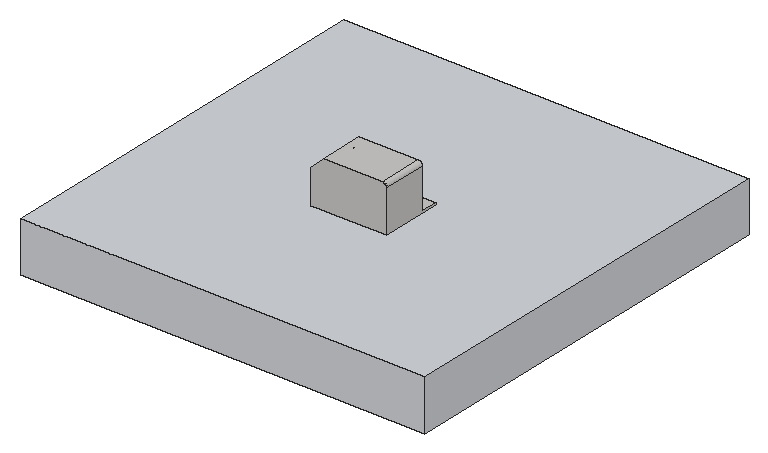
Revit family
Parameters (values of type "1656")
  Waste Connection = yes
  Voltage = 0
  Vent Connection = no
  VG2 - Ventilation Grille 8-3/4" x 13" (Bottom Only) = no
  VG1 - Ventilation Grille 5-3/4" x 8-3/4" (Left, Right) = no
  VAC - AcornVac System = no
  URL = "http://www.acorneng.com"
  Type Comments = ""
  Tempered Water Connection = no
  TH - Single Towel Hook on Left or Right = no
  TH - Double Towel Hook on Left or Right = no
  TG - 12 Gage Cabinet = no
  TF - Transformer = no
  TB - Toothbrush Holder (Left or Right) = no
  SW - Wall Sleeve = no
  Revised Date = "08/08/12"
  Phone # = "626-336-4561"
  PT - P-Trap Waste = no
  PH - Integral Paper Holder = no
  PBP - Pushrod Activated Pushbutton = no
  PBH - Hemispherical Pushbutton = no
  OF - Lavatory Overflow = no
  Model = "1656"
  Material = Type 304 Stainless Steel
  Manufacturer = "Acorn Engineering"
  MVC2-BAT - Time-Trol - Hot & Cold - Battery Operation = no
  MVC2 - Time-Trol - Hot & Cold = no
  MVC1-BAT - Time-Trol - Single Temp - Battery Operation = no
  MVC1 - Time-Trol - Single Temp = no
  MT - Metal Template (Only One Req'd per Project) = no
  MH - Metering, Hot Side only = no
  MA - Manifolded Valve (2,3,4) = no
  M - Metering = no
  LWE - Lavy Waste Extension (3" Standard) Specify Length Beyond Fixture = no
  LW1 - Lavy Through-Wall Extension With P-Trap = no
  LF - Lav-Filler = no
  IS - Integral Shelf = no
  HW Connection = yes
  FMT - Fixture Mounted Trim = no
  EVSP2 - Electronic Valve System w/ Piezo Pushbuttons = no
  EVSP1 - Electronic Valve System w/ Piezo Pushbutton = no
  EVS2 - Electronic Valve System - Hot & Cold = no
  EVS1 - Electronic Valve System - Single Temp = no
  EG - Enviro-Glaze, Specify Color = no
  Designed By = "ATS BIM Team"
  Description = "18\" Multi-Sided Lavatory"
  Default Elevation = 32.50"
  CW Connection = yes
  CI - Cycle Interrupt for Time-Trol Valves = no
  BPH - Hemispherical Penal Bubbler = no
  BP - Bubbler, Penal = no
  BC - Bubbler, Code = no
  Assembly Code = ""
  Amperage = 0
  9 - Punched for Valve by Others (Specify Punching) = no
  4 - Air-Control, H&C, Non-Metering = no
  3 - Air-Control, Single Temp, Non-Metering = no
Reference planes (in)
  plane 1 "Center (Front/Back)": y = 0
  plane 2: z = 0
  plane 3 "Center (Left/Right)": x = 0
  plane 4: z = 11
  plane 5: x = 9
  plane 6: x = -9
  plane 7: y = -10.5
  plane 8: y = -8.25
  plane 9: y = 2
  plane 10: x = -1.5
Forms (in)
  Extrusion 1, solid
    sketch origin (0, 0, 0) x (1, 0, 0) y (0, 1, 0)
      loop
        line (-48, 48) -> (-48, -48) -> (48, -48) -> (48, 48) -> (-48, 48)
    from 0 to -12
  Extrusion 2, solid, material "Type 304 Stainless Steel" <- "Material"
    sketch origin (0, 0, 0) x (1, 0, 0) y (0, 0, 1)
      loop
        line (8, 11) -> (-6, 11) -> (-9, 8) -> (-9, 0) -> (9, 0) -> (9, 10)
        arc (9, 10) -> (8.70711, 10.70711) -> (8, 11) r 1
    from 0 to 10.5
  Extrusion 3, solid, material "Type 304 Stainless Steel" <- "Material"
    sketch origin (0, 0, 0) x (1, 0, 0) y (0, 0, 1)
      loop
        line (9, 0) -> (9, 0.5) -> (-9, 0.5) -> (-9, 0) -> (9, 0)
    from 0 to -4
  Extrusion 4, solid, material "Type 304 Stainless Steel" <- "Material"
    sketch origin (-1.5, 0, 0) x (1, 0, 0) y (0, 1, 0)
      loop
        circle (0, -8.25) r 0.75
    from 0 to 0.01563
  Extrusion 5, void
    sketch origin (0, 0, 0) x (1, 0, 0) y (0, 0, 1)
      loop
        line (4.61421, 7.75369) -> (2.60724, 9.76066)
        arc (2.60724, 9.76066) -> (2.1206, 10.08582) -> (1.54658, 10.2) r 1.5
        line (1.54658, 10.2) -> (-4.54658, 10.2)
        arc (-4.54658, 10.2) -> (-5.1206, 10.08582) -> (-5.60724, 9.76066) r 1.5
        line (-5.60724, 9.76066) -> (-7.61421, 7.75369)
        arc (-7.61421, 7.75369) -> (-8.2, 6.33947) -> (-7.61421, 4.92526) r 2
        line (-7.61421, 4.92526) -> (-4.28185, 1.59289)
        arc (-4.28185, 1.59289) -> (-3.95742, 1.37612) -> (-3.57474, 1.3) r 1
        line (-3.57474, 1.3) -> (0.57474, 1.3)
        arc (0.57474, 1.3) -> (0.95742, 1.37612) -> (1.28185, 1.59289) r 1
        line (1.28185, 1.59289) -> (4.61421, 4.92526)
        arc (4.61421, 4.92526) -> (5.2, 6.33947) -> (4.61421, 7.75369) r 2
    from 0 to 6
Cuts and joins
  Extrusion 5 cuts Extrusion 2
  joined: Extrusion 2, Extrusion 3, Extrusion 4
Dimensions and locks (in)
  plane 2 to plane 4 = 11.00"
  plane 5 to plane 6 = 18.00"
  plane 7 to plane 1 "Center (Front/Back)" = 10.50"
  plane 10 to plane 3 "Center (Left/Right)" = 1.50"
  aligned and locked: plane 2 to Extrusion 1
  aligned and locked: level to Extrusion 1
Connectors (in)
  piping at (-1.5, -8.25, 0)
    settings: on Extrusion 4, index 1
